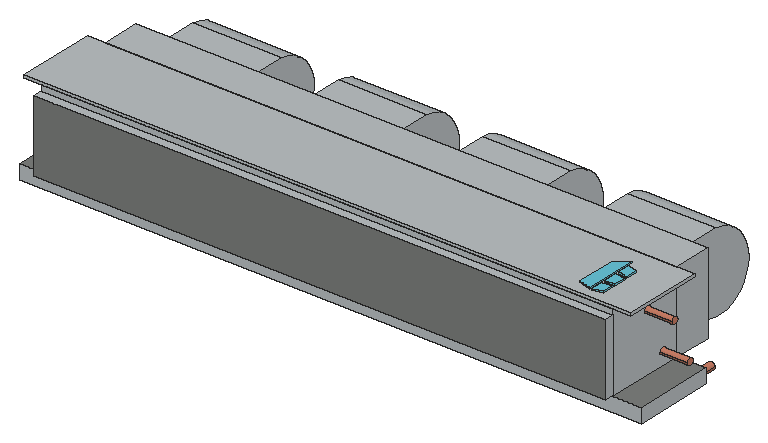
Revit family
Parameters (values of type "CHY(2-Pipe EHeat)")
  Supply Air Height = 0' - 7 1/2"
  Revit Family Version = "10/27/2010"
  Motor Quantity = 1
  Electric Heat Voltage = 120 V
  Electric Heat Capacity = 3412.14 Btu/h
  Drain Pan Width = 5' - 5 1/4"
  Voltage = 115 V
  URL = "www.iec-okc.com"
  Type Comments = "ARI Default"
  Total Cooling Capacity = 16822.0 Btu/h
  Supply Fan Motor Speed = 1
  Supply External Static Pressure = 0.00 in-wg
  Sensible Cooling Capacity = 12736.0 Btu/h
  Product Name = "Fan Coil Unit"  # constant formula
  Phase = 1
  Nominal HP = "1/30"
  Model = "CHY(2-Pipe EHeat)"
  Minimum Circuit Current = 15 A
  Manufacturer = "IEC"
  Load = 184 VA
  Height = 0' - 10"
  Heating Leaving Dry Bulb Temperature = 111.1 °F
  Heating Entering Dry Bulb Temperature = 70 °F
  Frequency = 60 Hz
  Fan Quantity = 2
  Family Load Status = "** NOT VALID ** Must be loaded via type catalog"
  Designation = "FCU"
  Design Supply Air Flow = 670 CFM
  Design Chilled Water Flow = 3.4 GPM
  Description = "Ceiling Hideaway FCU"
  Depth = 1' - 9 1/2"
  Cooling Leaving Wet Bulb Temperature = 59.2 °F
  Cooling Leaving Dry Bulb Temperature = 62.6 °F
  Cooling Entering Wet Bulb Temperature = 67 °F
  Cooling Entering Dry Bulb Temperature = 80 °F
  Cooling Coil Water Pressure Drop = 14.048 kPa
  Cooling Coil Row Count = 2
  Coil Width = 5' - 0"
  Chilled Water Leaving Temperature = 55.0 °F
  Chilled Water Entering Temperature = 45.0 °F
  Blower Offset 4 = 4' - 0 1/8"
  Blower Offset 3 = 2' - 8 7/8"
  Blower Offset 2 = 1' - 5 3/4"
  Blower Offset 1 = 0' - 2 1/2"
  Blower 4 = yes
  Blower 3 = yes
  Blower 2 = yes
  Blower 1 = yes
  Assembly Code = "D3050"
  Actual Condensate Drain Flow = 0.0 GPM
  ARI Number = ""
Reference planes (in)
  plane 1 "Center (Front/Back)": y = -9.375
  plane 2: z = 0
  plane 3 "Center (Left/Right)": x = 6
  plane 4: y = -13.5625
  plane 5: y = -5.1875
  plane 6: x = -24
  plane 7: x = 36
  plane 8: x = -26.25
  plane 9: x = 39
  plane 10: x = 37.875
  plane 11: x = -25.875
  plane 12: z = -0.875
  plane 13: z = -8.5
  plane 14: z = -0.25
  plane 15: z = -8.375
  plane 16: z = -10
  plane 17: y = -1.1875
Forms (in)
  Extrusion 1, solid, material "Metal - IEC - Steel"
    sketch origin (0, 0, 0) x (1, 0, 0) y (0, 1, 0)
      loop
        line (-24, -13.5625) -> (36, -13.5625) -> (36, -5.1875) -> (-24, -5.1875) -> (-24, -13.5625)
    from -8.5 to -0.25
  Extrusion 2, solid, material "Copper"
    sketch origin (36, -13.5625, 0) x (0, 1, 0) y (0, 0, 1)
      loop
        circle (4.375, -2.25) r 0.3125
      loop
        circle (6.375, -7) r 0.3125
    from 0 to 3
  Extrusion 3, solid, material "Metal - IEC - Steel"
    sketch origin (0, 0, -8.5) x (0, 1, 0) y (1, 0, 0)
      loop
        line (-5.1875, -26.25) -> (-5.1875, 39) -> (-13.5625, 39) -> (-13.5625, -26.25) -> (-5.1875, -26.25)
    from 0 to 1.5
  Extrusion 4, solid, material "Metal - IEC - Steel"
    sketch origin (0, 0, -0.25) x (1, 0, 0) y (0, 1, 0)
      loop
        line (-25.875, -5.1875) -> (-25.875, -13.5625) -> (37.875, -13.5625) -> (37.875, -5.1875) -> (-25.875, -5.1875)
    from 0 to 0.25
  Extrusion 5, solid, material "Metal - IEC - Steel"
    sketch origin (-24, -13.5625, 0) x (1, 0, 0) y (0, 0, 1)
      loop
        line (0, -0.875) -> (0, -8.375) -> (60, -8.375) -> (60, -0.875) -> (0, -0.875)
    from 0 to 1
  Extrusion 6, solid, material "Copper"
    sketch origin (-26.25, -5.1875, -8.5) x (1, 0, 0) y (0, 0, -1)
      loop
        circle (64.25, 1) r 0.375
    from 0 to 2
  Extrusion 7, solid, material "Metal - IEC - Steel"
    sketch origin (36, -5.1875, 0) x (-1, 0, 0) y (0, 0, 1)
      loop
        line (0, 0) -> (0, -8.5) -> (60, -8.5) -> (60, 0) -> (0, 0)
    from 0 to 4
Dimensions and locks (in)
  locked: plane 5 to plane 4 at 8.375
  equal spacing: plane 5, plane 1 "Center (Front/Back)", plane 4
  equal spacing: plane 6, plane 3 "Center (Left/Right)", plane 7
  "Coil Width": plane 6 to plane 7
  "Drain Pan Width": plane 8 to plane 9
  locked: plane 8 to plane 6 at 2.25
  locked: plane 7 to plane 10 at 1.875
  locked: plane 11 to plane 6 at 1.875
  locked: Extrusion 2 sketch curve to Extrusion 1 at 4
  locked: Extrusion 2 sketch curve to Extrusion 1 at 2
  locked: Extrusion 1 to Extrusion 2 sketch curve at 1.5
  locked: Extrusion 1 to Extrusion 2 sketch curve at 2
  locked: plane 7 to Extrusion 2 at 3
  locked: level to plane 12 at 0.875
  locked: plane 4 to Extrusion 5 at 1
  locked: plane 16 to plane 13 at 1.5
  "Supply Air Height": plane 12 to plane 15
  "Height": level to plane 16
  "Blower Offset 2": nested 1 to plane 7
  "Blower Offset 3": nested 2 to plane 7
  "Blower Offset 4": nested 3 to plane 7
  locked: Extrusion 3 to Extrusion 6 sketch curve at 1
  locked: plane 16 to Extrusion 6 sketch curve at 0.5
  locked: plane 5 to Extrusion 6 at 2
  locked: plane 4 to nested 5 at 1
  "Blower Offset 1": nested 4 to plane 7
  locked: plane 17 to plane 5 at 4
  aligned and locked: plane 6 to Extrusion 1 sketch curve
  aligned and locked: Extrusion 1 sketch curve to plane 4
  aligned and locked: plane 5 to Extrusion 1 sketch curve
  aligned and locked: Extrusion 1 sketch curve to plane 7
  aligned and locked: plane 7 to Extrusion 2
  aligned and locked: level to plane 2
  aligned: level to Extrusion 1
  aligned and locked: Extrusion 1 to plane 13
  aligned and locked: plane 8 to Extrusion 3 sketch curve
  aligned and locked: plane 5 to Extrusion 3 sketch curve
  aligned and locked: plane 4 to Extrusion 3 sketch curve
  aligned and locked: plane 9 to Extrusion 3 sketch curve
  aligned and locked: plane 11 to Extrusion 4 sketch curve
  aligned and locked: Extrusion 4 sketch curve to plane 5
  aligned and locked: plane 4 to Extrusion 4 sketch curve
  aligned and locked: Extrusion 4 sketch curve to plane 10
  aligned and locked: level to Extrusion 4
  aligned and locked: Extrusion 4 to plane 14
  aligned and locked: Extrusion 1 to Extrusion 4
  aligned and locked: plane 6 to Extrusion 5 sketch curve
  aligned and locked: Extrusion 5 sketch curve to plane 12
  aligned and locked: plane 15 to Extrusion 5 sketch curve
  aligned and locked: plane 7 to Extrusion 5 sketch curve
  aligned and locked: plane 4 to Extrusion 5
  aligned and locked: Extrusion 3 to plane 16
  aligned: plane 5 to nested 1
  aligned: plane 5 to nested 2
  aligned: plane 5 to nested 3
  aligned and locked: plane 12 to nested 1
  aligned and locked: plane 12 to nested 2
  aligned and locked: plane 12 to nested 3
  aligned: plane 5 to nested 4
  aligned and locked: plane 12 to nested 4
  aligned and locked: Extrusion 6 to plane 5
  aligned and locked: plane 2 to nested 5
  aligned and locked: nested 5 to plane 7
  aligned and locked: nested 5 to Extrusion 7 sketch curve
  aligned and locked: Extrusion 7 sketch curve to nested 5
  aligned and locked: Extrusion 7 sketch curve to Extrusion 1  (x2)
  aligned and locked: Extrusion 7 to plane 5
  aligned and locked: plane 17 to Extrusion 7
  aligned and locked: plane 17 to nested 3
  aligned and locked: nested 2 to nested 3
  aligned and locked: nested 1 to nested 2
  aligned and locked: nested 4 to nested 1
Automatic sketch dimensions
  radius of Extrusion 2 sketch curve = 0' - 0 5/16"  (x2)
  radius of Extrusion 6 sketch curve = 0' - 0 3/8"
Nested families (in)
  nested 1: "Blower" at (18.25, -1.9375, -0.875) x (-1, 0, 0) z (0, 0, 1), visible <- "Blower 2", type "Blower"
  nested 2: "Blower" at (3.125, -1.9375, -0.875) x (-1, 0, 0) z (0, 0, 1), visible <- "Blower 3", type "Blower"
  nested 3: "Blower" at (-12.125, -1.9375, -0.875) x (-1, 0, 0) z (0, 0, 1), visible <- "Blower 4", type "Blower"
  nested 4: "Blower" at (33.5, -1.9375, -0.875) x (-1, 0, 0) z (0, 0, 1), visible <- "Blower 1", type "Blower"
  nested 5: "Horizontal IEC Logo 3D" at (31.42527, -12.5625, 0), type "Horizontal IEC Logo 3D", detail levels fine
Connectors (in)
  piping at (39, -9.1875, -2.25), driven by "Cooling Coil Water Pressure Drop", driven by "Design Chilled Water Flow"
    settings: on Extrusion 2, index 3
  piping at (39, -7.1875, -7), driven by "Design Chilled Water Flow"
    settings: on Extrusion 2, index 4
  piping at (38, -3.1875, -9.5), driven by "Actual Condensate Drain Flow"
    settings: on Extrusion 6, index 5
  electrical at (-24, -9.375, -4.375), driven by "Phase", driven by "Voltage", driven by "Load"
    settings: on Extrusion 1, index 6
  hvac at (6, -14.5625, -4.625), driven by "Coil Width", driven by "Supply Air Height", driven by "Design Supply Air Flow", driven by "Supply External Static Pressure"
    settings: on Extrusion 5, index 7
Definition of nested family "Blower"
  Parameters (values of type "Blower")
    Nozzle Width = 0' - 9 1/2"
    Nozle Height = 0' - 4 1/4"
    Assembly Code = ""
  Reference planes (in)
    plane 1 "Front": y = -0.75
    plane 2: z = 0
    plane 3 "Center (Left/Right)": x = 0
  Forms (in)
    Extrusion 1, solid, material "Metal - IEC - Steel"
      sketch origin (0, 0, -4) x (0, 1, 0) y (0, 0, 1)
        loop
          line (-0.75, 4) -> (-5, 4)
          arc (-5, 4) -> (-8.05416, 2.49699) -> (-9.25, -0.69) r 4.62031
          arc (-9.25, -0.69) -> (-7.94469, -3.47424) -> (-5, -4.36) r 3.76973
          arc (-5, -4.36) -> (-2.67606, -3.13626) -> (-1.72, -0.69) r 3.76014
          arc (-1.72, -0.69) -> (-1.58422, -0.27093) -> (-1.23686, 0) r 0.75133
          line (-1.23686, 0) -> (-0.75, 0) -> (-0.75, 4)
      from 0 to 9.28
  Dimensions and locks (in)
    aligned and locked: level to plane 2
    aligned and locked: Extrusion 1 to plane 3 "Center (Left/Right)"
Definition of nested family "Horizontal IEC Logo 3D"
  Parameters (values of type "Horizontal IEC Logo 3D")
    URL = "http://www.iec-okc.com"
    Manufacturer = "International Environmental Corporation"
    Copyright © = ""
    Assembly Code = ""
  Reference planes (in)
    plane 1 "Center (Front/Back)": y = 0
    plane 2 "Bottom": z = 0
    plane 3 "Center (Left/Right)": x = 0
    plane 4 "Top": z = 6
    plane 5 "Right": x = 4.57473
    plane 6: y = 6
  Forms (in)
    Extrusion 1, solid, material "Paint - IEC - Blue"
      sketch origin (-3.24555, -0.25468, 0) x (1, 0, 0) y (0, 1, 0)
        loop
          line (3.24555, 0.65702) -> (4.52737, 0.25468) -> (4.52737, 5.84344) -> (3.24555, 4.84197) -> (3.24555, 0.65702)
        loop
          line (4.79344, 5.10212) -> (4.79344, 3.74464) -> (5.82027, 3.61857) -> (5.82027, 4.77981) -> (4.79344, 5.10212)
        loop
          line (4.79344, 0.25468) -> (5.82027, 0.52981) -> (5.82027, 1.70204) -> (4.79344, 1.5626) -> (4.79344, 0.25468)
        loop
          line (4.79344, 3.3345) -> (4.79344, 1.92278) -> (5.82027, 2.0307) -> (5.82027, 3.26102) -> (4.79344, 3.3345)
      from 0 to 0.125
  Text (in)
    text "Copyright © McQuay International 2009" at (0.00043, 0.00036, 0), in view "Ref. Level"
  Dimensions and locks (in)
    plane 4 "Top" to plane 2 "Bottom" = 0' - 6"
    locked: plane 5 "Right" to Extrusion 1 at 2
    locked: plane 3 "Center (Left/Right)" to plane 5 "Right" at 4.57473
    locked: plane 6 to plane 1 "Center (Front/Back)" at 6
    aligned and locked: plane 2 "Bottom" to level
